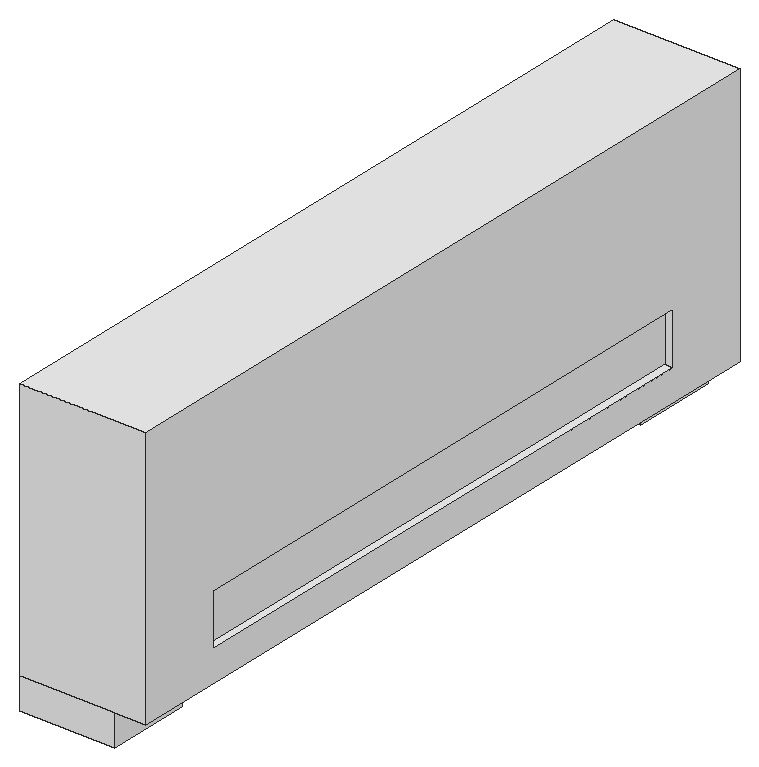
Revit family
Parameters (values of type "1800mm")
  Keynote = "T"
  Assembly Code = "D3040400"
  Material = Metal - Painted White
  Width = 1800 mm
Types (3, lengths in mm): name | Width
  (no name) | 1800
  1200mm | 1200
  1800mm | 1800
Reference planes
  plane 1 "Center F/B": y = 0
  plane 2: z = 0
  plane 3 "Center L/R": x = 0
  plane 4: z = 76.2
  plane 5 "Top": z = 711.2
  plane 6: y = 1800
  plane 7: x = 304.8
  plane 8: x = 228.6
  plane 9: y = 1596.8
  plane 10: y = 203.2
  plane 11: y = 1422.6
  plane 12: y = 1248.4
  plane 13: y = 1074.2
  plane 14: y = 725.8
  plane 15: y = 900
  plane 16: y = 551.6
  plane 17: y = 377.4
Forms (mm)
  Extrusion 1, solid, material "Metal - Painted White" <- "Material"
    sketch origin (0, 0, 0) x (1, 0, 0) y (0, 1, 0)
      loop
        line (0, 1800) -> (0, 0) -> (228.6, 0) -> (228.6, 203.2) -> (177.8, 203.2) -> (177.8, 1596.8) -> (228.6, 1596.8) -> (228.6, 1800) -> (0, 1800)
    from 0 to 76.2
  Extrusion 2, solid, material "Metal - Painted White" <- "Material"
    sketch origin (0, 0, 76.2) x (1, 0, 0) y (0, -1, 0)
      loop
        line (0, -1800) -> (304.8, -1800) -> (304.8, 0) -> (0, 0) -> (0, -1800)
    from 0 to -635
  Extrusion 3, void
    sketch origin (304.8, 1800, 76.2) x (0, 0, -1) y (0, -1, 0)
      loop
        line (-203.2, 203.2) -> (-76.2, 203.2) -> (-76.2, 1596.8) -> (-203.2, 1596.8) -> (-203.2, 203.2)
    from 0 to 19.05
Cuts and joins
  Extrusion 3 cuts Extrusion 1
  Extrusion 3 cuts Extrusion 2
Lines and regions (mm)
  symbolic lines
    curve 1: line (0, 1800, 0) -> (228.6, 1800, 0)
    curve 2: line (0, 0, 0) -> (0, 1800, 0)
    curve 3: line (228.6, 0, 0) -> (0, 0, 0)
  model lines
    curve 4: line (304.8, 1596.8, 279.4) -> (304.8, 203.2, 279.4)
    curve 5: line (304.8, 1596.8, 152.4) -> (304.8, 1596.8, 279.4)
    curve 6: line (304.8, 203.2, 152.4) -> (304.8, 1596.8, 152.4)
    curve 7: line (304.8, 203.2, 279.4) -> (304.8, 203.2, 152.4)
    curve 8: line (304.8, 1596.8, 254) -> (304.8, 203.2, 254)
    curve 9: line (304.8, 1596.8, 228.6) -> (304.8, 203.2, 228.6)
    curve 10: line (304.8, 1596.8, 203.2) -> (304.8, 203.2, 203.2)
    curve 11: line (304.8, 1596.8, 177.8) -> (304.8, 203.2, 177.8)
    curve 12: line (304.8, 1248.4, 279.4) -> (304.8, 1248.4, 152.4)
    curve 13: line (304.8, 1074.2, 279.4) -> (304.8, 1074.2, 152.4)
    curve 14: line (304.8, 725.8, 279.4) -> (304.8, 725.8, 152.4)
    curve 15: line (304.8, 551.6, 279.4) -> (304.8, 551.6, 152.4)
    curve 16: line (304.8, 1422.6, 279.4) -> (304.8, 1422.6, 152.4)
    curve 17: line (304.8, 900, 279.4) -> (304.8, 900, 152.4)
    curve 18: line (304.8, 377.4, 279.4) -> (304.8, 377.4, 152.4)
    curve 19: line (304.8, 1596.8, 241.3) -> (304.8, 203.2, 241.3)
    curve 20: line (304.8, 1596.8, 266.7) -> (304.8, 203.2, 266.7)
    curve 21: line (304.8, 1596.8, 215.9) -> (304.8, 203.2, 215.9)
    curve 22: line (304.8, 1596.8, 190.5) -> (304.8, 203.2, 190.5)
    curve 23: line (304.8, 1596.8, 165.1) -> (304.8, 203.2, 165.1)
    curve 24: line (254, 203.2, 711.2) -> (0, 203.2, 711.2)
    curve 25: line (0, 1596.8, 711.2) -> (254, 1596.8, 711.2)
    curve 26: line (177.8, 1596.8, 711.2) -> (177.8, 203.2, 711.2)
    curve 27: line (254, 1596.8, 711.2) -> (254, 203.2, 711.2)
    curve 28: line (241.3, 203.2, 711.2) -> (241.3, 1596.8, 711.2)
    curve 29: line (203.2, 203.2, 711.2) -> (203.2, 1596.8, 711.2)
    curve 30: line (215.9, 203.2, 711.2) -> (215.9, 1596.8, 711.2)
    curve 31: line (190.5, 203.2, 711.2) -> (190.5, 1596.8, 711.2)
    curve 32: line (228.6, 1596.8, 711.2) -> (228.6, 203.2, 711.2)
    curve 33: line (177.8, 1422.6, 711.2) -> (254, 1422.6, 711.2)
    curve 34: line (177.8, 1248.4, 711.2) -> (254, 1248.4, 711.2)
    curve 35: line (177.8, 1074.2, 711.2) -> (254, 1074.2, 711.2)
    curve 36: line (177.8, 900, 711.2) -> (254, 900, 711.2)
    curve 37: line (177.8, 725.8, 711.2) -> (254, 725.8, 711.2)
    curve 38: line (177.8, 551.6, 711.2) -> (254, 551.6, 711.2)
    curve 39: line (177.8, 377.4, 711.2) -> (254, 377.4, 711.2)
Dimensions and locks
  plane 2 to level to plane 5 "Top" = 0 mm, 711.2 mm
  locked: plane 6 to plane 9 at 203.2
  locked: plane 10 to plane 1 "Center F/B" at 203.2
  "Width": plane 6 to plane 1 "Center F/B"
  equal spacing: plane 9, plane 11, plane 12, plane 13, plane 15, plane 14, plane 16, plane 17, plane 10
  aligned and locked: Extrusion 1 to plane 4
  aligned and locked: Extrusion 2 to plane 5 "Top"
  aligned and locked: plane 6 to Extrusion 2
  aligned and locked: plane 1 "Center F/B" to Extrusion 2
  aligned and locked: plane 11 to curve 16
  aligned and locked: plane 12 to curve 12
  aligned and locked: plane 13 to curve 13
  aligned and locked: plane 14 to curve 14
  aligned and locked: plane 15 to curve 17
  aligned and locked: plane 16 to curve 15
  aligned and locked: plane 17 to curve 18
  aligned and locked: plane 9 to Extrusion 1  (x2)
  aligned and locked: Extrusion 1 to plane 10
Automatic sketch dimensions
  Extrusion 1 sketch curve to plane 1 "Center F/B" = 0 mm
  Extrusion 1 sketch curve to plane 3 "Center L/R" = 0 mm
  Extrusion 1 sketch curve to plane 10 = 0 mm
  Extrusion 1 sketch curve to plane 8 = 0 mm  (x2)
  Extrusion 1 sketch curve to plane 6 = 0 mm
  Extrusion 1 sketch curve to plane 9 = 0 mm
  Extrusion 1 sketch curve to Extrusion 1 sketch curve = 50.8 mm
  Extrusion 2 sketch curve to plane 1 "Center F/B" = 0 mm
  Extrusion 2 sketch curve to plane 3 "Center L/R" = 0 mm
  Extrusion 2 sketch curve to plane 7 = 0 mm
  Extrusion 2 sketch curve to plane 6 = 0 mm
  curve 23 to plane 9 = 0 mm
  curve 23 to plane 10 = 0 mm
  curve 13 to plane 4 = 76.2 mm
  curve 6 to curve 23 = 12.7 mm
  curve 23 to curve 11 = 12.7 mm
  curve 11 to curve 22 = 12.7 mm
  curve 22 to curve 10 = 12.7 mm
  curve 10 to curve 21 = 12.7 mm
  curve 21 to curve 9 = 12.7 mm
  curve 9 to curve 19 = 12.7 mm
  curve 19 to curve 8 = 12.7 mm
  curve 8 to curve 20 = 12.7 mm
  curve 20 to curve 18 = 12.7 mm
  Extrusion 3 sketch curve to plane 10 = 0 mm
  Extrusion 3 sketch curve to plane 9 = 0 mm
  Extrusion 3 sketch curve to plane 4 = 203.2 mm
  Extrusion 3 sketch curve to plane 4 = 76.2 mm
  curve 3 to plane 1 "Center F/B" = 0 mm
  curve 3 to plane 3 "Center L/R" = 0 mm
  curve 24 to plane 3 "Center L/R" = 0 mm
  curve 25 to plane 3 "Center L/R" = 0 mm
  curve 37 to plane 14 = 0 mm
  curve 39 to plane 17 = 0 mm
  curve 36 to plane 15 = 0 mm
  curve 38 to plane 16 = 0 mm
  curve 26 to plane 9 = 0 mm
  curve 26 to plane 10 = 0 mm
  curve 35 to plane 13 = 0 mm
  curve 34 to plane 12 = 0 mm
  curve 33 to plane 11 = 0 mm
  curve 32 to plane 8 = 0 mm
  curve 1 to plane 6 = 0 mm
  curve 1 to plane 8 = 0 mm
  curve 3 to plane 8 = 0 mm
  plane 8 to curve 37 = 50.8 mm
  curve 26 to curve 31 = 12.7 mm
  curve 31 to curve 29 = 12.7 mm
  plane 8 to curve 30 = 12.7 mm
  curve 32 to curve 28 = 12.7 mm
  curve 28 to curve 27 = 12.7 mm
